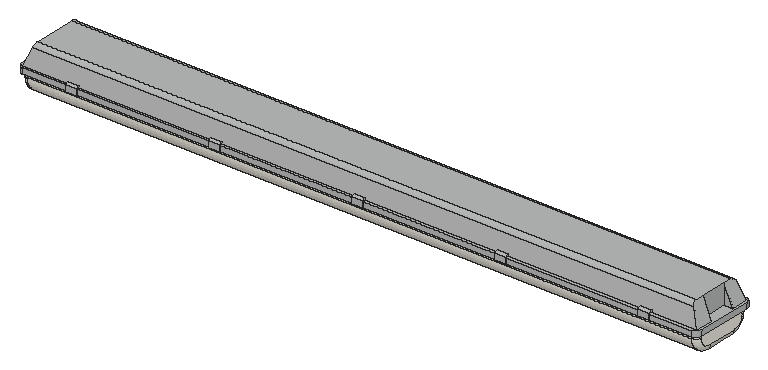
Revit family "SLIM", category Осветительные приборы, Revit 2019 (continued)
Types (5, lengths in mm): name | Файл фотометрической сетки | built-in parameter 1150142 | ADSK_Обозначение | ADSK_Наименование | ADSK_Код изделия
    485 20.386 18.687 16.888 15.389 \r\n13.890 12.591 11.392 10.293 9.194 7.395 5.496 3.697 1.799 0.000 \r\n1407.335 1402.838 1397.042 1392.745 1389.747 1383.551 1372.559 1360.767 1345.877 1327.689 1306.904 1284.219 1263.433 1243.247 1220.863 1195.680 1167.799 1137.720 \r\n1106.241 1070.866 1035.490 1000.414 961.840 922.667 880.496 836.426 794.255 755.482 718.907 685.030 649.954 614.079 574.306 530.236 485.567 441.597 396.728 353.158 312.386 274.012 \r\n237.837 205.459 177.378 153.495 133.708 118.119 106.927 96.934 88.339 80.145 73.150 66.754 61.158 56.062 51.565 47.368 43.770 40.172 36.875 33.777 25.982 23.584 21.385 19.587 17.788 16.089 \r\n14.590 13.191 11.992 10.793 9.593 7.695 5.796 3.897 1.899 0.000 \r\n1407.335 1402.838 1397.142 1393.145 1390.546 1384.750 1374.058 1362.466 1347.876 1329.888 1309.102 1286.518 1266.132 1246.445 1224.360 1199.477 1171.996 1142.217 \r\n1110.938 1075.862 1040.686 1005.910 967.536 928.563 886.392 842.422 800.151 761.378 725.003 691.326 656.550 620.974 581.301 537.032 492.162 447.993 402.924 359.054 318.082 279.508 \r\n243.033 210.456 182.175 158.092 138.005 122.116 110.424 100.131 91.137 82.743 75.548 68.953 63.057 57.860 53.164 48.966 45.169 41.472 38.074 34.876 27.181 24.583 22.385 20.486 18.587 \r\n16.788 15.190 13.791 12.491 11.292 10.093 8.094 5.996 3.997 1.999 0.000 \r\n1407.335 1402.838 1397.242 1393.544 1391.446 1385.949 1375.557 1364.264 1349.874 1331.986 1311.301 1288.916 1268.730 1249.543 1227.758 1203.275 1176.093 1146.714 \r\n1115.635 1080.759 1045.883 1011.306 973.233 934.459 892.288 848.418 805.947 767.274 730.999 697.721 663.145 627.869 588.197 543.727 498.658 454.388 409.219 365.050 323.778 285.005 \r\n248.330 215.552 187.072 162.788 142.302 126.114 114.022 103.329 94.036 85.341 77.847 71.051 65.055 59.659 54.862 50.465 46.568 42.671 39.273 35.975 28.381 25.682 23.384 21.385 19.387 \r\n17.488 15.889 14.390 13.091 11.792 10.493 8.394 6.296 4.197 2.099 0.000 \r\n1407.335 1402.838 1397.342 1394.044 1392.245 1387.149 1377.056 1366.063 1351.873 1334.185 1313.599 1291.314 1271.428 1252.741 1231.256 1207.072 1180.291 1151.111 \r\n1120.432 1085.655 1050.979 1016.803 978.929 940.255 898.184 854.314 811.743 773.070 736.995 704.117 669.841 634.765 595.092 550.522 505.253 460.684 415.415 370.946 329.474 290.401 \r\n253.626 220.549 191.868 167.385 146.599 130.011 117.519 106.527 96.934 87.940 80.245 73.150 67.054 61.458 56.461 51.964 47.967 43.970 40.372 36.975 29.480 26.782 24.283 22.285 20.186 \r\n18.287 16.589 14.990 13.591 12.292 10.992 8.794 6.595 4.397 2.198 0.000 \r\n1407.335 1402.938 1397.442 1394.444 1393.045 1388.448 1378.555 1367.862 1353.871 1336.383 1315.798 1293.713 1274.126 1255.839 1234.753 1210.870 1184.388 1155.607 \r\n1125.128 1090.652 1056.176 1022.199 984.625 946.151 904.180 860.310 817.639 778.966 743.090 710.413 676.436 641.560 601.987 557.318 511.849 467.080 421.611 376.842 335.170 295.897 \r\n258.822 225.645 196.765 171.982 150.897 134.008 121.117 109.725 99.832 90.538 82.543 75.348 68.953 63.257 58.160 53.463 49.366 45.269 41.571 38.074 30.679 27.781 25.283 23.184 20.986 \r\n18.987 17.188 15.589 14.190 12.791 11.392 9.094 6.795 4.597 2.298 0.000 \r\n1407.335 1402.938 1397.641 1394.843 1393.944 1389.647 1380.054 1369.561 1355.870 1338.482 1318.096 1296.111 1276.824 1258.937 1238.251 1214.667 1188.585 1160.004 \r\n1129.825 1095.549 1061.372 1027.695 990.321 952.047 910.076 866.206 823.435 784.862 749.086 716.808 683.131 648.455 608.982 564.113 518.444 473.475 427.907 382.738 340.866 301.393 \r\n264.119 230.642 201.662 176.679 155.194 137.905 124.615 112.923 102.630 93.136 84.942 77.447 70.951 65.055 59.759 54.962 50.665 46.568 42.771 39.173 31.878 28.880 26.282 23.984 21.785 \r\n19.686 17.888 16.189 14.690 13.191 11.792 9.493 7.095 4.697 2.398 0.000 \r\n1407.335 1402.938 1397.741 1395.243 1394.743 1390.846 1381.652 1371.359 1357.869 1340.681 1320.294 1298.409 1279.522 1262.134 1241.748 1218.464 1192.682 1164.501 \r\n1134.522 1100.445 1066.469 1033.191 996.117 957.843 915.972 872.202 829.231 790.758 755.082 723.204 689.727 655.351 615.878 570.809 525.040 479.871 434.102 388.733 346.562 306.890 \r\n269.415 235.738 206.458 181.276 159.491 141.903 128.112 116.120 105.528 95.734 87.340 79.645 72.850 66.854 61.458 56.461 52.064 47.767 43.870 40.172 33.077 29.979 27.281 24.883 22.585 \r\n20.486 18.587 16.788 15.190 13.691 12.292 9.793 7.395 4.897 2.398 0.000 \r\n1407.335 1402.938 1397.841 1395.743 1395.643 1392.045 1383.151 1373.158 1359.767 1342.879 1322.593 1300.808 1282.121 1265.232 1245.246 1222.262 1196.779 1168.998 \r\n1139.219 1105.442 1071.665 1038.588 1001.813 963.739 921.868 878.198 835.027 796.654 761.078 729.500 696.422 662.246 622.773 577.604 531.635 486.167 440.298 394.629 352.258 312.386 \r\n274.612 240.835 211.355 185.873 163.788 145.900 131.710 119.318 108.426 98.333 89.639 81.744 74.849 68.653 63.057 57.960 53.463 49.066 45.069 41.272 34.276 31.079 28.181 25.782 23.384 \r\n21.185 19.187 17.388 15.789 14.190 12.691 10.193 7.595 5.097 2.498 0.000 \r\n1407.335 1402.938 1397.941 1396.142 1396.442 1393.244 1384.650 1374.857 1361.766 1344.978 1324.791 1303.206 1284.819 1268.430 1248.744 1226.059 1200.976 1173.395 \r\n1144.015 1110.338 1076.861 1044.084 1007.509 969.535 927.764 884.094 840.923 802.550 767.174 735.895 703.018 669.141 629.668 584.399 538.131 492.562 446.594 400.525 357.955 317.782 \r\n279.908 245.831 216.152 190.569 168.085 149.797 135.207 122.516 111.224 100.931 92.037 83.942 76.847 70.452 64.756 59.559 54.862 50.365 46.268 42.271 35.376 32.078 29.180 26.682 24.183 \r\n21.885 19.886 17.988 16.289 14.690 13.191 10.493 7.895 5.296 2.598 0.000 \r\n1407.335 1402.938 1398.041 1396.542 1397.242 1394.544 1386.149 1376.656 1363.765 1347.176 1327.090 1305.605 1287.517 1271.528 1252.241 1229.857 1205.074 1177.892 \r\n1148.712 1115.235 1082.058 1049.480 1013.205 975.431 933.760 890.090 846.719 808.446 773.170 742.291 709.713 676.036 636.563 591.195 544.726 498.958 452.789 406.521 363.651 323.278 \r\n285.204 250.928 221.048 195.166 172.382 153.795 138.805 125.714 114.122 103.529 94.335 86.041 78.746 72.250 66.354 61.058 56.261 51.665 47.368 43.370 36.575 33.177 30.179 27.581 24.983 \r\n22.684 20.486 18.587 16.888 15.190 13.591 10.893 8.194 5.396 2.698 0.000 \r\n1407.335 1403.038 1398.141 1397.042 1398.141 1395.743 1387.648 1378.455 1365.763 1349.375 1329.288 1307.903 1290.215 1274.626 1255.739 1233.654 1209.271 1182.389 \r\n1153.409 1120.132 1087.154 1054.976 1018.901 981.327 939.656 895.985 852.515 814.242 779.166 748.587 716.309 682.932 643.559 597.890 551.322 505.253 458.985 412.417 369.347 328.775 \r\n290.401 255.924 225.845 199.763 176.679 157.692 142.302 128.912 117.020 106.127 96.734 88.239 80.745 74.049 68.053 62.557 57.660 52.864 48.567 44.470 37.774 34.276 31.179 28.480 25.782 \r\n23.384 21.185 19.187 17.388 15.689 13.990 11.192 8.394 5.596 2.798 0.000 \r\n1407.335 1403.038 1398.241 1397.442 1398.941 1396.942 1389.147 1380.253 1367.762 1351.473 1331.587 1310.301 1292.913 1277.824 1259.236 1237.451 1213.368 1186.786 \r\n1158.106 1125.128 1092.351 1060.473 1024.697 987.123 945.552 901.981 858.411 820.138 785.261 754.982 722.904 689.727 650.454 604.685 557.917 511.649 465.281 418.313 375.143 334.271 \r\n295.697 261.021 230.742 204.460 180.976 161.689 145.900 132.009 119.918 108.725 99.132 90.338 82.643 75.848 69.652 64.056 59.059 54.163 49.766 45.469 38.973 35.376 32.078 29.380 26.582 \r\n24.083 21.885 19.886 17.988 16.189 14.490 11.592 8.694 5.796 2.898 0.000 \r\n1407.335 1403.038 1398.441 1397.841 1399.840 1398.141 1390.646 1381.952 1369.761 1353.672 1333.785 1312.700 1295.511 1280.921 1262.734 1241.249 1217.565 1191.283 \r\n1162.803 1130.025 1097.547 1065.869 1030.393 993.019 951.447 907.977 864.207 826.033 791.257 761.278 729.600 696.622 657.349 611.481 564.513 518.045 471.477 424.209 380.839 339.667 \r\n300.994 266.018 235.538 209.057 185.273 165.686 149.398 135.207 122.716 111.324 101.430 92.537 84.642 77.647 71.351 65.555 60.459 55.462 50.865 46.568 40.172 36.375 33.077 30.279 27.381 \r\n24.783 22.485 20.486 18.487 16.689 14.890 11.892 8.894 5.996 2.998 0.000 \r\n1407.335 1403.038 1398.541 1398.241 1400.639 1399.440 1392.145 1383.751 1371.759 1355.870 1336.084 1315.098 1298.210 1284.119 1266.232 1245.046 1221.662 1195.780 \r\n1167.599 1134.922 1102.644 1071.365 1036.089 998.915 957.343 913.873 870.003 831.929 797.253 767.673 736.195 703.517 664.244 618.276 571.008 524.340 477.672 430.205 386.535 345.163 \r\n306.190 271.114 240.435 213.653 189.570 169.584 152.995 138.405 125.614 113.922 103.829 94.635 86.641 79.446 72.950 67.054 61.858 56.761 52.064 47.667 41.372 37.474 34.077 31.179 28.181 \r\n25.582 23.184 21.086 18.987 17.188 15.290 12.292 9.194 6.096 3.098 0.000 \r\n1407.335 1403.038 1398.641 1398.741 1401.439 1400.639 1393.644 1385.550 1373.758 1357.969 1338.282 1317.396 1300.908 1287.217 1269.729 1248.843 1225.759 1200.177 \r\n1172.296 1139.818 1107.840 1076.861 1041.786 1004.711 963.339 919.869 875.899 837.825 803.249 774.069 742.890 710.413 671.140 624.971 577.604 530.736 483.968 436.101 392.231 350.660 \r\n311.486 276.211 245.232 218.250 193.867 173.581 156.493 141.603 128.512 116.520 106.127 96.734 88.539 81.244 74.549 68.553 63.257 57.960 53.263 48.667 42.471 38.574 34.976 32.078 28.980 \r\n26.282 23.784 21.685 19.587 17.688 15.789 12.591 9.493 6.296 3.198 0.000 \r\n1407.335 1403.038 1398.741 1399.140 1402.338 1401.839 1395.143 1387.348 1375.756 1360.167 1340.581 1319.795 1303.606 1290.315 1273.127 1252.641 1229.956 1204.674 \r\n1176.993 1144.815 1113.037 1082.258 1047.482 1010.607 969.235 925.765 881.695 843.721 809.345 780.365 749.486 717.308 678.135 631.767 584.199 537.132 490.164 441.997 397.927 356.156 \r\n316.783 281.207 250.128 222.947 198.164 177.478 160.090 144.801 131.310 119.118 108.526 98.932 90.538 83.043 76.248 70.152 64.656 59.259 54.363 49.766 43.670 39.573 35.975 32.977 29.780 \r\n26.981 24.483 22.285 20.086 18.188 16.189 12.991 9.693 6.496 3.198 0.000 \r\n1407.335 1403.038 1398.841 1399.540 1403.138 1403.038 1396.642 1389.047 1377.655 1362.266 1342.779 1322.193 1306.304 1293.513 1276.624 1256.438 1234.054 1209.071 \r\n1181.690 1149.711 1118.233 1087.754 1053.178 1016.503 975.131 931.761 887.491 849.617 815.341 786.760 756.181 724.203 685.030 638.562 590.795 543.427 496.460 447.893 403.623 361.652 \r\n321.979 286.304 255.025 227.544 202.461 181.476 163.588 147.998 134.208 121.717 110.924 101.031 92.537 84.842 77.947 71.651 66.055 60.558 55.562 50.765 44.869 40.672 36.975 33.777 30.679 \r\n27.781 25.183 22.884 20.686 18.587 16.589 13.291 9.993 6.695 3.298 0.000 \r\n1407.335 1403.038 1398.941 1400.040 1404.037 1404.237 1398.241 1390.846 1379.654 1364.464 1345.077 1324.592 1308.902 1296.611 1280.122 1260.236 1238.251 1213.568 \r\n1186.486 1154.608 1123.330 1093.250 1058.874 1022.299 981.027 937.757 893.287 855.413 821.337 793.056 762.777 730.999 691.925 645.357 597.390 549.823 502.655 453.889 409.319 367.048 \r\n327.276 291.300 259.822 232.141 206.758 185.473 167.085 151.196 137.106 124.315 113.222 103.229 94.435 86.541 79.545 73.150 67.454 61.858 56.761 51.864 46.068 41.771 37.974 34.676 31.478 \r\n28.480 25.782 23.484 21.185 19.087 17.088 13.691 10.193 6.795 3.398 0.000 \r\n1407.335 1403.138 1399.040 1400.440 1404.837 1405.536 1399.740 1392.645 1381.652 1366.663 1347.276 1326.890 1311.600 1299.809 1283.620 1264.033 1242.348 1218.065 \r\n1191.183 1159.605 1128.526 1098.647 1064.670 1028.195 987.023 943.653 899.183 861.309 827.433 799.452 769.472 737.894 698.821 652.153 603.986 556.219 508.851 459.785 415.015 372.544 \r\n332.572 296.397 264.718 236.838 211.055 189.370 170.683 154.394 140.004 126.913 115.621 105.328 96.434 88.339 81.144 74.649 68.853 63.157 57.860 52.964 47.168 42.771 38.973 35.576 32.278 \r\n29.180 26.482 24.083 21.785 19.587 17.488 13.990 10.493 6.995 3.498 0.000 \r\n1407.335 1403.138 1399.240 1400.839 1405.636 1406.735 1401.239 1394.444 1383.651 1368.761 1349.474 1329.288 1314.299 1302.906 1287.117 1267.830 1246.545 1222.462 \r\n1195.880 1164.501 1133.722 1104.143 1070.366 1034.091 992.919 949.649 904.979 867.205 833.428 805.847 776.068 744.789 705.816 658.848 610.481 562.514 515.047 465.681 420.711 378.041 \r\n337.768 301.393 269.515 241.434 215.352 193.367 174.181 157.592 142.802 129.511 117.919 107.526 98.333 90.138 82.843 76.148 70.252 64.356 59.059 53.963 48.367 43.870 39.873 36.475 33.077 \r\n29.979 27.181 24.683 22.285 20.086 17.988 14.390 10.793 7.195 3.598 0.000 \r\n1407.335 1403.138 1399.340 1401.239 1406.535 1407.934 1402.738 1396.142 1385.650 1370.960 1351.773 1331.687 1316.997 1306.104 1290.615 1271.628 1250.642 1226.959 \r\n1200.577 1169.398 1138.819 1109.539 1076.062 1039.887 998.815 955.645 910.775 873.101 839.424 812.143 782.663 751.684 712.711 665.643 617.077 568.910 521.342 471.677 426.408 383.537 \r\n343.065 306.490 274.412 246.031 219.649 197.265 177.778 160.690 145.700 132.109 120.317 109.625 100.331 91.937 84.442 77.647 71.651 65.655 60.259 55.062 49.566 44.969 40.872 37.374 \r\n33.877 30.679 27.781 25.283 22.884 20.586 18.387 14.690 10.992 7.395 3.697 0.000 \r\n1407.335 1403.138 1399.440 1401.739 1407.335 1409.134 1404.237 1397.941 1387.648 1373.158 1353.971 1334.085 1319.595 1309.202 1294.112 1275.425 1254.839 1231.355 \r\n1205.273 1174.295 1144.015 1115.035 1081.758 1045.783 1004.711 961.541 916.671 878.997 845.420 818.539 789.359 758.580 719.606 672.439 623.672 575.305 527.538 477.572 432.104 \r\n388.933 348.361 311.586 279.209 250.628 223.946 201.262 181.276 163.888 148.598 134.708 122.716 111.823 102.330 93.736 86.141 79.146 73.050 66.954 61.358 56.161 50.765 46.068 41.871 \r\n38.274 34.676 31.378 28.480 25.882 23.384 21.086 18.787 15.090 11.292 7.495 3.797 0.000 \r\n1407.335 1403.138 1399.540 1402.138 1408.234 1410.433 1405.736 1399.740 1389.647 1375.257 1356.270 1336.483 1322.293 1312.300 1297.610 1279.223 1258.937 1235.852 \r\n1210.070 1179.291 1149.212 1120.531 1087.454 1051.579 1010.607 967.536 922.467 884.893 851.516 824.934 795.954 765.475 726.502 679.234 630.268 581.601 533.834 483.468 437.800 \r\n394.429 353.558 316.583 284.105 255.325 228.243 205.159 184.873 167.085 151.396 137.306 125.014 113.922 104.229 95.534 87.740 80.745 74.349 68.253 62.557 57.161 51.964 47.068 42.771 \r\n39.173 35.476 32.178 29.180 26.482 23.884 21.585 19.287 15.389 11.592 7.695 3.897 0.000 \r\n1407.335 1403.138 1399.640 1402.538 1409.034 1411.632 1407.235 1401.439 1391.646 1377.455 1358.468 1338.782 1324.991 1315.498 1301.108 1283.020 1263.134 1240.349 \r\n1214.767 1184.188 1154.408 1125.928 1093.150 1057.475 1016.603 973.432 928.263 890.789 857.512 831.230 802.650 772.270 733.497 685.930 636.763 587.997 540.030 489.364 443.496 \r\n399.926 358.854 321.679 288.902 259.922 232.541 209.157 188.371 170.283 154.294 139.904 127.413 116.120 106.227 97.333 89.439 82.244 75.748 69.452 63.756 58.260 53.164 48.167 43.770 \r\n40.073 36.275 32.877 29.780 27.081 24.483 22.085 19.686 15.789 11.792 7.895 3.897 0.000 \r\n" | "CSVT SLIM-38/опал (IP65, 5000К)" | "Светодиодный пылевлагозащищенный светильник CSVT SLIM-38/опал (IP65, 5000К)" | "ЦБ000008718"
